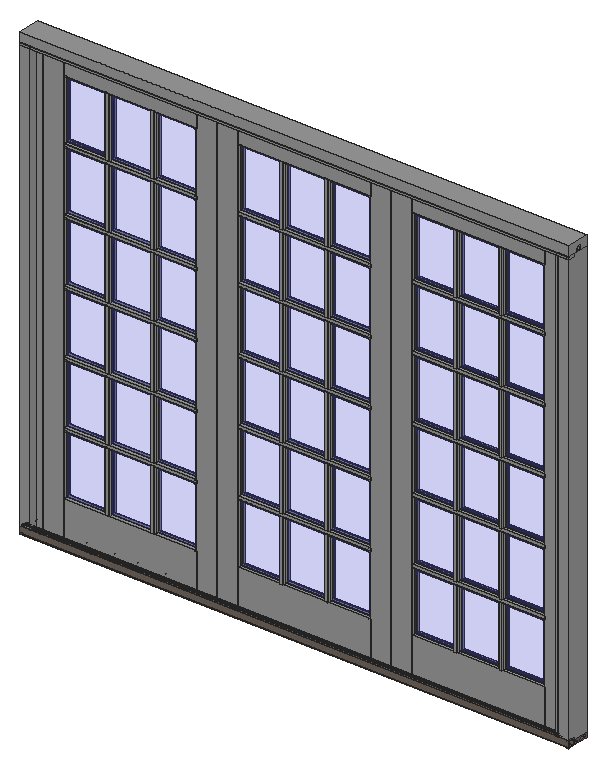
Revit family "VSFA 2560 SP LH", category Doors, host Wall, Revit 2015 (continued)
Forms (mm)
  Extrusion 66, solid, material "Glass"
    sketch origin (-632.808, -110.55, -763.769) x (-1, 0, 0) y (0, 0, -1)
      loop
        line (276.872, -2425.769) -> (475.212, -2425.769) -> (475.212, -2141.757) -> (276.872, -2141.757) -> (276.872, -2425.769)
      loop
        line (-145.808, -2128.769) -> (52.532, -2128.769) -> (52.532, -1844.757) -> (-145.808, -1844.757) -> (-145.808, -2128.769)
      loop
        line (65.532, -2128.769) -> (263.872, -2128.769) -> (263.872, -1844.757) -> (65.532, -1844.757) -> (65.532, -2128.769)
      loop
        line (276.872, -2128.769) -> (475.212, -2128.769) -> (475.212, -1844.757) -> (276.872, -1844.757) -> (276.872, -2128.769)
      loop
        line (-145.808, -1831.769) -> (52.532, -1831.769) -> (52.532, -1547.757) -> (-145.808, -1547.757) -> (-145.808, -1831.769)
      loop
        line (65.532, -1831.769) -> (263.872, -1831.769) -> (263.872, -1547.757) -> (65.532, -1547.757) -> (65.532, -1831.769)
      loop
        line (276.872, -1831.769) -> (475.212, -1831.769) -> (475.212, -1547.757) -> (276.872, -1547.757) -> (276.872, -1831.769)
      loop
        line (-145.808, -1534.769) -> (52.532, -1534.769) -> (52.532, -1250.757) -> (-145.808, -1250.757) -> (-145.808, -1534.769)
      loop
        line (65.532, -1534.769) -> (263.872, -1534.769) -> (263.872, -1250.757) -> (65.532, -1250.757) -> (65.532, -1534.769)
      loop
        line (276.872, -1534.769) -> (475.212, -1534.769) -> (475.212, -1250.757) -> (276.872, -1250.757) -> (276.872, -1534.769)
      loop
        line (-145.808, -1237.769) -> (52.532, -1237.769) -> (52.532, -953.757) -> (-145.808, -953.757) -> (-145.808, -1237.769)
      loop
        line (65.532, -1237.769) -> (263.872, -1237.769) -> (263.872, -953.757) -> (65.532, -953.757) -> (65.532, -1237.769)
      loop
        line (276.872, -1237.769) -> (475.212, -1237.769) -> (475.212, -953.757) -> (276.872, -953.757) -> (276.872, -1237.769)
    from -112.5 to -106.1
  Extrusion 67, solid, material "Lauan, Meranti"
    sketch origin (-101, 0, 1484.988) x (-1, 0, 0) y (0, -1, 0)
      loop
        line (597.34, 15.5) -> (584.34, 15.5) -> (584.34, 13.5)
        arc (584.34, 13.5) -> (579.67, 11.866) -> (577.34, 7.5) r 6.807
        line (577.34, 7.5) -> (575.34, 7.5) -> (575.34, 5.5) -> (584.34, 5.5) -> (584.34, -24.5) -> (597.34, -24.5) -> (597.34, 5.5) -> (606.34, 5.5) -> (606.34, 7.5) -> (604.34, 7.5)
        arc (604.34, 7.5) -> (602.01, 11.866) -> (597.34, 13.5) r 6.807
        line (597.34, 13.5) -> (597.34, 15.5)
      loop
        line (808.68, 15.5) -> (795.68, 15.5) -> (795.68, 13.5)
        arc (795.68, 13.5) -> (791.01, 11.866) -> (788.68, 7.5) r 6.807
        line (788.68, 7.5) -> (786.68, 7.5) -> (786.68, 5.5) -> (795.68, 5.5) -> (795.68, -24.5) -> (808.68, -24.5) -> (808.68, 5.5) -> (817.68, 5.5) -> (817.68, 7.5) -> (815.68, 7.5)
        arc (815.68, 7.5) -> (813.35, 11.866) -> (808.68, 13.5) r 6.807
        line (808.68, 13.5) -> (808.68, 15.5)
    from 190 to 474
  Sweep 68, solid, material "Lauan, Meranti"
    path origin (-148.388, -75, 232.716) x (-1, 0, 0) y (0, 0, -1)
      loop
        line (338.612, -1726.284) -> (536.952, -1726.284) -> (536.952, -1442.272) -> (338.612, -1442.272) -> (338.612, -1726.284)
    profile origin (-586.17, -75, 1959) x (0, 0, -1) y (0, -1, 0)
      loop
        line (9, -78) -> (0, -78) -> (0, -86)
        arc (0, -86) -> (4.67, -84.366) -> (7, -80) r 6.807
        line (7, -80) -> (9, -80) -> (9, -78)
  Sweep 69, solid, material "Lauan, Meranti"
    path origin (-359.728, -75, 232.716) x (-1, 0, 0) y (0, 0, -1)
      loop
        line (338.612, -1726.284) -> (536.952, -1726.284) -> (536.952, -1442.272) -> (338.612, -1442.272) -> (338.612, -1726.284)
    profile origin (-797.51, -75, 1959) x (0, 0, -1) y (0, -1, 0)
      loop
        line (9, -78) -> (0, -78) -> (0, -86)
        arc (0, -86) -> (4.67, -84.366) -> (7, -80) r 6.807
        line (7, -80) -> (9, -80) -> (9, -78)
  Sweep 70, solid, material "Lauan, Meranti"
    path origin (-571.068, -75, 232.716) x (-1, 0, 0) y (0, 0, -1)
      loop
        line (338.612, -1726.284) -> (536.952, -1726.284) -> (536.952, -1442.272) -> (338.612, -1442.272) -> (338.612, -1726.284)
    profile origin (-1008.85, -75, 1959) x (0, 0, -1) y (0, -1, 0)
      loop
        line (9, -78) -> (0, -78) -> (0, -86)
        arc (0, -86) -> (4.67, -84.366) -> (7, -80) r 6.807
        line (7, -80) -> (9, -80) -> (9, -78)
  Extrusion 71, solid, material "Lauan, Meranti"
    sketch origin (-101, 0, 1187.988) x (-1, 0, 0) y (0, -1, 0)
      loop
        line (597.34, 15.5) -> (584.34, 15.5) -> (584.34, 13.5)
        arc (584.34, 13.5) -> (579.67, 11.866) -> (577.34, 7.5) r 6.807
        line (577.34, 7.5) -> (575.34, 7.5) -> (575.34, 5.5) -> (584.34, 5.5) -> (584.34, -24.5) -> (597.34, -24.5) -> (597.34, 5.5) -> (606.34, 5.5) -> (606.34, 7.5) -> (604.34, 7.5)
        arc (604.34, 7.5) -> (602.01, 11.866) -> (597.34, 13.5) r 6.807
        line (597.34, 13.5) -> (597.34, 15.5)
      loop
        line (808.68, 15.5) -> (795.68, 15.5) -> (795.68, 13.5)
        arc (795.68, 13.5) -> (791.01, 11.866) -> (788.68, 7.5) r 6.807
        line (788.68, 7.5) -> (786.68, 7.5) -> (786.68, 5.5) -> (795.68, 5.5) -> (795.68, -24.5) -> (808.68, -24.5) -> (808.68, 5.5) -> (817.68, 5.5) -> (817.68, 7.5) -> (815.68, 7.5)
        arc (815.68, 7.5) -> (813.35, 11.866) -> (808.68, 13.5) r 6.807
        line (808.68, 13.5) -> (808.68, 15.5)
    from 190 to 474
  Sweep 72, solid, material "Lauan, Meranti"
    path origin (-148.388, -75, -64.284) x (-1, 0, 0) y (0, 0, -1)
      loop
        line (338.612, -1726.284) -> (536.952, -1726.284) -> (536.952, -1442.272) -> (338.612, -1442.272) -> (338.612, -1726.284)
    profile origin (-586.17, -75, 1662) x (0, 0, -1) y (0, -1, 0)
      loop
        line (9, -78) -> (0, -78) -> (0, -86)
        arc (0, -86) -> (4.67, -84.366) -> (7, -80) r 6.807
        line (7, -80) -> (9, -80) -> (9, -78)
  Sweep 73, solid, material "Lauan, Meranti"
    path origin (-359.728, -75, -64.284) x (-1, 0, 0) y (0, 0, -1)
      loop
        line (338.612, -1726.284) -> (536.952, -1726.284) -> (536.952, -1442.272) -> (338.612, -1442.272) -> (338.612, -1726.284)
    profile origin (-797.51, -75, 1662) x (0, 0, -1) y (0, -1, 0)
      loop
        line (9, -78) -> (0, -78) -> (0, -86)
        arc (0, -86) -> (4.67, -84.366) -> (7, -80) r 6.807
        line (7, -80) -> (9, -80) -> (9, -78)
  Sweep 74, solid, material "Lauan, Meranti"
    path origin (-571.068, -75, -64.284) x (-1, 0, 0) y (0, 0, -1)
      loop
        line (338.612, -1726.284) -> (536.952, -1726.284) -> (536.952, -1442.272) -> (338.612, -1442.272) -> (338.612, -1726.284)
    profile origin (-1008.85, -75, 1662) x (0, 0, -1) y (0, -1, 0)
      loop
        line (9, -78) -> (0, -78) -> (0, -86)
        arc (0, -86) -> (4.67, -84.366) -> (7, -80) r 6.807
        line (7, -80) -> (9, -80) -> (9, -78)
  Extrusion 75, solid, material "Lauan, Meranti"
    sketch origin (-101, 0, 890.988) x (-1, 0, 0) y (0, -1, 0)
      loop
        line (597.34, 15.5) -> (584.34, 15.5) -> (584.34, 13.5)
        arc (584.34, 13.5) -> (579.67, 11.866) -> (577.34, 7.5) r 6.807
        line (577.34, 7.5) -> (575.34, 7.5) -> (575.34, 5.5) -> (584.34, 5.5) -> (584.34, -24.5) -> (597.34, -24.5) -> (597.34, 5.5) -> (606.34, 5.5) -> (606.34, 7.5) -> (604.34, 7.5)
        arc (604.34, 7.5) -> (602.01, 11.866) -> (597.34, 13.5) r 6.807
        line (597.34, 13.5) -> (597.34, 15.5)
      loop
        line (808.68, 15.5) -> (795.68, 15.5) -> (795.68, 13.5)
        arc (795.68, 13.5) -> (791.01, 11.866) -> (788.68, 7.5) r 6.807
        line (788.68, 7.5) -> (786.68, 7.5) -> (786.68, 5.5) -> (795.68, 5.5) -> (795.68, -24.5) -> (808.68, -24.5) -> (808.68, 5.5) -> (817.68, 5.5) -> (817.68, 7.5) -> (815.68, 7.5)
        arc (815.68, 7.5) -> (813.35, 11.866) -> (808.68, 13.5) r 6.807
        line (808.68, 13.5) -> (808.68, 15.5)
    from 190 to 474
  Sweep 76, solid, material "Lauan, Meranti"
    path origin (-148.388, -75, -361.284) x (-1, 0, 0) y (0, 0, -1)
      loop
        line (338.612, -1726.284) -> (536.952, -1726.284) -> (536.952, -1442.272) -> (338.612, -1442.272) -> (338.612, -1726.284)
    profile origin (-586.17, -75, 1365) x (0, 0, -1) y (0, -1, 0)
      loop
        line (9, -78) -> (0, -78) -> (0, -86)
        arc (0, -86) -> (4.67, -84.366) -> (7, -80) r 6.807
        line (7, -80) -> (9, -80) -> (9, -78)
  Sweep 77, solid, material "Lauan, Meranti"
    path origin (-359.728, -75, -361.284) x (-1, 0, 0) y (0, 0, -1)
      loop
        line (338.612, -1726.284) -> (536.952, -1726.284) -> (536.952, -1442.272) -> (338.612, -1442.272) -> (338.612, -1726.284)
    profile origin (-797.51, -75, 1365) x (0, 0, -1) y (0, -1, 0)
      loop
        line (9, -78) -> (0, -78) -> (0, -86)
        arc (0, -86) -> (4.67, -84.366) -> (7, -80) r 6.807
        line (7, -80) -> (9, -80) -> (9, -78)
  Sweep 78, solid, material "Lauan, Meranti"
    path origin (-571.068, -75, -361.284) x (-1, 0, 0) y (0, 0, -1)
      loop
        line (338.612, -1726.284) -> (536.952, -1726.284) -> (536.952, -1442.272) -> (338.612, -1442.272) -> (338.612, -1726.284)
    profile origin (-1008.85, -75, 1365) x (0, 0, -1) y (0, -1, 0)
      loop
        line (9, -78) -> (0, -78) -> (0, -86)
        arc (0, -86) -> (4.67, -84.366) -> (7, -80) r 6.807
        line (7, -80) -> (9, -80) -> (9, -78)
  Extrusion 79, solid, material "Lauan, Meranti"
    sketch origin (-101, 0, 593.988) x (-1, 0, 0) y (0, -1, 0)
      loop
        line (597.34, 15.5) -> (584.34, 15.5) -> (584.34, 13.5)
        arc (584.34, 13.5) -> (579.67, 11.866) -> (577.34, 7.5) r 6.807
        line (577.34, 7.5) -> (575.34, 7.5) -> (575.34, 5.5) -> (584.34, 5.5) -> (584.34, -24.5) -> (597.34, -24.5) -> (597.34, 5.5) -> (606.34, 5.5) -> (606.34, 7.5) -> (604.34, 7.5)
        arc (604.34, 7.5) -> (602.01, 11.866) -> (597.34, 13.5) r 6.807
        line (597.34, 13.5) -> (597.34, 15.5)
      loop
        line (808.68, 15.5) -> (795.68, 15.5) -> (795.68, 13.5)
        arc (795.68, 13.5) -> (791.01, 11.866) -> (788.68, 7.5) r 6.807
        line (788.68, 7.5) -> (786.68, 7.5) -> (786.68, 5.5) -> (795.68, 5.5) -> (795.68, -24.5) -> (808.68, -24.5) -> (808.68, 5.5) -> (817.68, 5.5) -> (817.68, 7.5) -> (815.68, 7.5)
        arc (815.68, 7.5) -> (813.35, 11.866) -> (808.68, 13.5) r 6.807
        line (808.68, 13.5) -> (808.68, 15.5)
    from 190 to 474
  Sweep 80, solid, material "Lauan, Meranti"
    path origin (-148.388, -75, -658.284) x (-1, 0, 0) y (0, 0, -1)
      loop
        line (338.612, -1726.284) -> (536.952, -1726.284) -> (536.952, -1442.272) -> (338.612, -1442.272) -> (338.612, -1726.284)
    profile origin (-586.17, -75, 1068) x (0, 0, -1) y (0, -1, 0)
      loop
        line (9, -78) -> (0, -78) -> (0, -86)
        arc (0, -86) -> (4.67, -84.366) -> (7, -80) r 6.807
        line (7, -80) -> (9, -80) -> (9, -78)
  Sweep 81, solid, material "Lauan, Meranti"
    path origin (-359.728, -75, -658.284) x (-1, 0, 0) y (0, 0, -1)
      loop
        line (338.612, -1726.284) -> (536.952, -1726.284) -> (536.952, -1442.272) -> (338.612, -1442.272) -> (338.612, -1726.284)
    profile origin (-797.51, -75, 1068) x (0, 0, -1) y (0, -1, 0)
      loop
        line (9, -78) -> (0, -78) -> (0, -86)
        arc (0, -86) -> (4.67, -84.366) -> (7, -80) r 6.807
        line (7, -80) -> (9, -80) -> (9, -78)
  Sweep 82, solid, material "Lauan, Meranti"
    path origin (-571.068, -75, -658.284) x (-1, 0, 0) y (0, 0, -1)
      loop
        line (338.612, -1726.284) -> (536.952, -1726.284) -> (536.952, -1442.272) -> (338.612, -1442.272) -> (338.612, -1726.284)
    profile origin (-1008.85, -75, 1068) x (0, 0, -1) y (0, -1, 0)
      loop
        line (9, -78) -> (0, -78) -> (0, -86)
        arc (0, -86) -> (4.67, -84.366) -> (7, -80) r 6.807
        line (7, -80) -> (9, -80) -> (9, -78)
  Extrusion 83, solid, material "Lauan, Meranti"
    sketch origin (-101, 0, 296.988) x (-1, 0, 0) y (0, -1, 0)
      loop
        line (597.34, 15.5) -> (584.34, 15.5) -> (584.34, 13.5)
        arc (584.34, 13.5) -> (579.67, 11.866) -> (577.34, 7.5) r 6.807
        line (577.34, 7.5) -> (575.34, 7.5) -> (575.34, 5.5) -> (584.34, 5.5) -> (584.34, -24.5) -> (597.34, -24.5) -> (597.34, 5.5) -> (606.34, 5.5) -> (606.34, 7.5) -> (604.34, 7.5)
        arc (604.34, 7.5) -> (602.01, 11.866) -> (597.34, 13.5) r 6.807
        line (597.34, 13.5) -> (597.34, 15.5)
      loop
        line (808.68, 15.5) -> (795.68, 15.5) -> (795.68, 13.5)
        arc (795.68, 13.5) -> (791.01, 11.866) -> (788.68, 7.5) r 6.807
        line (788.68, 7.5) -> (786.68, 7.5) -> (786.68, 5.5) -> (795.68, 5.5) -> (795.68, -24.5) -> (808.68, -24.5) -> (808.68, 5.5) -> (817.68, 5.5) -> (817.68, 7.5) -> (815.68, 7.5)
        arc (815.68, 7.5) -> (813.35, 11.866) -> (808.68, 13.5) r 6.807
        line (808.68, 13.5) -> (808.68, 15.5)
    from 190 to 474
  Sweep 84, solid, material "Lauan, Meranti"
    path origin (-148.388, -75, -955.284) x (-1, 0, 0) y (0, 0, -1)
      loop
        line (338.612, -1726.284) -> (536.952, -1726.284) -> (536.952, -1442.272) -> (338.612, -1442.272) -> (338.612, -1726.284)
    profile origin (-586.17, -75, 771) x (0, 0, -1) y (0, -1, 0)
      loop
        line (9, -78) -> (0, -78) -> (0, -86)
        arc (0, -86) -> (4.67, -84.366) -> (7, -80) r 6.807
        line (7, -80) -> (9, -80) -> (9, -78)
  Sweep 85, solid, material "Lauan, Meranti"
    path origin (-359.728, -75, -955.284) x (-1, 0, 0) y (0, 0, -1)
      loop
        line (338.612, -1726.284) -> (536.952, -1726.284) -> (536.952, -1442.272) -> (338.612, -1442.272) -> (338.612, -1726.284)
    profile origin (-797.51, -75, 771) x (0, 0, -1) y (0, -1, 0)
      loop
        line (9, -78) -> (0, -78) -> (0, -86)
        arc (0, -86) -> (4.67, -84.366) -> (7, -80) r 6.807
        line (7, -80) -> (9, -80) -> (9, -78)
  Sweep 86, solid, material "Lauan, Meranti"
    path origin (-571.068, -75, -955.284) x (-1, 0, 0) y (0, 0, -1)
      loop
        line (338.612, -1726.284) -> (536.952, -1726.284) -> (536.952, -1442.272) -> (338.612, -1442.272) -> (338.612, -1726.284)
    profile origin (-1008.85, -75, 771) x (0, 0, -1) y (0, -1, 0)
      loop
        line (9, -78) -> (0, -78) -> (0, -86)
        arc (0, -86) -> (4.67, -84.366) -> (7, -80) r 6.807
        line (7, -80) -> (9, -80) -> (9, -78)
  Extrusion 87, solid, material "Lauan, Meranti"
    sketch origin (-101, 0, -0.012) x (-1, 0, 0) y (0, -1, 0)
      loop
        line (597.34, 15.5) -> (584.34, 15.5) -> (584.34, 13.5)
        arc (584.34, 13.5) -> (579.67, 11.866) -> (577.34, 7.5) r 6.807
        line (577.34, 7.5) -> (575.34, 7.5) -> (575.34, 5.5) -> (584.34, 5.5) -> (584.34, -24.5) -> (597.34, -24.5) -> (597.34, 5.5) -> (606.34, 5.5) -> (606.34, 7.5) -> (604.34, 7.5)
        arc (604.34, 7.5) -> (602.01, 11.866) -> (597.34, 13.5) r 6.807
        line (597.34, 13.5) -> (597.34, 15.5)
      loop
        line (808.68, 15.5) -> (795.68, 15.5) -> (795.68, 13.5)
        arc (795.68, 13.5) -> (791.01, 11.866) -> (788.68, 7.5) r 6.807
        line (788.68, 7.5) -> (786.68, 7.5) -> (786.68, 5.5) -> (795.68, 5.5) -> (795.68, -24.5) -> (808.68, -24.5) -> (808.68, 5.5) -> (817.68, 5.5) -> (817.68, 7.5) -> (815.68, 7.5)
        arc (815.68, 7.5) -> (813.35, 11.866) -> (808.68, 13.5) r 6.807
        line (808.68, 13.5) -> (808.68, 15.5)
    from 190 to 474
  Sweep 88, solid, material "Lauan, Meranti"
    path origin (-148.388, -75, -1252.284) x (-1, 0, 0) y (0, 0, -1)
      loop
        line (338.612, -1726.284) -> (536.952, -1726.284) -> (536.952, -1442.272) -> (338.612, -1442.272) -> (338.612, -1726.284)
    profile origin (-586.17, -75, 474) x (0, 0, -1) y (0, -1, 0)
      loop
        line (9, -78) -> (0, -78) -> (0, -86)
        arc (0, -86) -> (4.67, -84.366) -> (7, -80) r 6.807
        line (7, -80) -> (9, -80) -> (9, -78)
  Sweep 89, solid, material "Lauan, Meranti"
    path origin (-359.728, -75, -1252.284) x (-1, 0, 0) y (0, 0, -1)
      loop
        line (338.612, -1726.284) -> (536.952, -1726.284) -> (536.952, -1442.272) -> (338.612, -1442.272) -> (338.612, -1726.284)
    profile origin (-797.51, -75, 474) x (0, 0, -1) y (0, -1, 0)
      loop
        line (9, -78) -> (0, -78) -> (0, -86)
        arc (0, -86) -> (4.67, -84.366) -> (7, -80) r 6.807
        line (7, -80) -> (9, -80) -> (9, -78)
  Sweep 90, solid, material "Lauan, Meranti"
    path origin (-571.068, -75, -1252.284) x (-1, 0, 0) y (0, 0, -1)
      loop
        line (338.612, -1726.284) -> (536.952, -1726.284) -> (536.952, -1442.272) -> (338.612, -1442.272) -> (338.612, -1726.284)
    profile origin (-1008.85, -75, 474) x (0, 0, -1) y (0, -1, 0)
      loop
        line (9, -78) -> (0, -78) -> (0, -86)
        arc (0, -86) -> (4.67, -84.366) -> (7, -80) r 6.807
        line (7, -80) -> (9, -80) -> (9, -78)
Cuts and joins
  joined: Extrusion 6, Extrusion 8
  joined: Extrusion 5, Extrusion 9
Lines and regions (mm)
  Opening 1
    outline origin (-5000, -75, 0) x (1, 0, 0) y (0, 0, 1)
      loop
        line (3720, 0) -> (6280, 0) -> (6280, 2100) -> (3720, 2100) -> (3720, 0)
  model lines
    curve 1: line (-1205, 24.5, 0) -> (-798.5, 728.579, 0)
    curve 2: line (-798.5, 728.579, 0) -> (-763.859, 708.579, 0)
    curve 3: line (-763.859, 708.579, 0) -> (-1170.359, 4.5, 0)
    curve 4: line (-322.718, 24.5, 0) -> (-729.218, 728.579, 0)
    curve 5: line (-729.218, 728.579, 0) -> (-763.859, 708.579, 0)
    curve 6: line (-763.859, 708.579, 0) -> (-357.359, 4.5, 0)
    curve 7: line (-322.718, 24.5, 0) -> (83.782, 728.579, 0)
    curve 8: line (83.782, 728.579, 0) -> (118.423, 708.579, 0)
    curve 9: line (-288.077, 4.5, 0) -> (118.423, 708.579, 0)
    curve 10: line (-634.802, 99.5, 935) -> (-809.802, 99.5, 935)
    curve 11: line (-948.879, 99.5, 935) -> (-809.802, 99.5, 991.191)
    curve 12: line (-809.802, 99.5, 991.191) -> (-809.802, 99.5, 878.809)
    curve 13: line (-948.879, 99.5, 935) -> (-809.802, 99.5, 878.809)
    curve 14: line (178.198, 99.5, 935) -> (3.198, 99.5, 935)
    curve 15: line (-135.879, 99.5, 935) -> (3.198, 99.5, 991.191)
    curve 16: line (3.198, 99.5, 991.191) -> (3.198, 99.5, 878.809)
    curve 17: line (-135.879, 99.5, 935) -> (3.198, 99.5, 878.809)
    curve 18: line (991.198, 99.5, 935) -> (816.198, 99.5, 935)
    curve 19: line (677.121, 99.5, 935) -> (816.198, 99.5, 991.191)
    curve 20: line (816.198, 99.5, 991.191) -> (816.198, 99.5, 878.809)
    curve 21: line (677.121, 99.5, 935) -> (816.198, 99.5, 878.809)
Text (mm)
  text "Exterior" at (-2295.016, 1099.543, 0), in view "Ref. Level"
  text "Exterior" at (0, 1615.38, 3698.081), in view "Left"
  text "Exterior" at (0, 1036.032, 3874.932), in view "Right"
Dimensions and locks
  equal spacing: plane 3 "Left", plane 2 "Center (Left/Right)", plane 4 "Right"
  "Width": plane 3 "Left" to plane 4 "Right"
  "Height": plane 5 to host wall
  host wall to plane 5 = 2100 mm  (x2)
  locked: plane 6 "Exterior" to host wall at 0
  locked: plane 7 "Interior" to host wall
  plane 3 "Left" to plane 4 "Right" = 2560 mm
  aligned and locked: plane 1 to host wall
  aligned and locked: Opening 1 sketch curve to level
  aligned and locked: Extrusion 13 to Extrusion 12
Automatic sketch dimensions
  curve 11 to plane 9 = 286.121 mm
  curve 11 to curve 11 = 139.078 mm
  curve 15 to plane 2 "Center (Left/Right)" = 135.879 mm
  plane 2 "Center (Left/Right)" to curve 15 = 3.198 mm
  curve 19 to plane 11 = 286.121 mm
  curve 19 to curve 19 = 139.078 mm
  level to curve 21 = 878.809 mm
  curve 16 to curve 20 = 0 mm
  curve 13 to curve 16 = 0 mm
  curve 12 to curve 13 = 56.191 mm
  curve 20 to curve 21 = 56.191 mm
  curve 16 to curve 15 = 56.191 mm
  curve 20 to curve 19 = 112.382 mm
  curve 12 to curve 12 = 112.382 mm
  curve 16 to curve 16 = 112.382 mm
  curve 10 to curve 10 = 175 mm
  curve 14 to curve 14 = 175 mm
  curve 18 to curve 18 = 175 mm
  curve 14 to curve 15 = 56.191 mm
  curve 10 to curve 11 = 56.191 mm
  curve 18 to curve 19 = 56.191 mm
  Extrusion 1 sketch curve to level = 0 mm
  level to Extrusion 1 sketch curve = 1 mm
  Extrusion 1 sketch curve to host wall = 22.5 mm
  Extrusion 1 sketch curve to Extrusion 1 sketch curve = 1 mm  (x7)
  Extrusion 1 sketch curve to Extrusion 1 sketch curve = 0.5 mm  (x8)
  Extrusion 1 sketch curve to Extrusion 1 sketch curve = 8.551 mm
  Extrusion 1 sketch curve to Extrusion 1 sketch curve = 0.717 mm  (x10)
  Extrusion 1 sketch curve to Extrusion 1 sketch curve = 1.732 mm  (x10)
  Extrusion 1 sketch curve to Extrusion 1 sketch curve = 0 mm  (x24)
  Extrusion 1 sketch curve to Extrusion 1 sketch curve = 3.101 mm  (x3)
  Extrusion 1 sketch curve to Extrusion 1 sketch curve = 6.351 mm
  Extrusion 1 sketch curve to Extrusion 1 sketch curve = 1.5 mm  (x15)
  Extrusion 1 sketch curve to Extrusion 1 sketch curve = 0.7 mm
  level to Extrusion 1 sketch curve = 1.5 mm  (x3)
  Extrusion 1 sketch curve to Extrusion 1 sketch curve = 1.2 mm  (x2)
  Extrusion 1 sketch curve to Extrusion 1 sketch curve = 8.248 mm
  host wall to Extrusion 1 sketch curve = 4.5 mm
  host wall to Extrusion 1 sketch curve = 1.5 mm  (x2)
  Extrusion 1 sketch curve to host wall = 1.817 mm
  Extrusion 1 sketch curve to Extrusion 1 sketch curve = 1.433 mm  (x3)
  Extrusion 1 sketch curve to host wall = 3.75 mm
  Extrusion 1 sketch curve to Extrusion 1 sketch curve = 1.25 mm  (x2)
  Extrusion 1 sketch curve to Extrusion 1 sketch curve = 3.317 mm
  Extrusion 1 sketch curve to Extrusion 1 sketch curve = 4.551 mm
  Extrusion 1 sketch curve to Extrusion 1 sketch curve = 10.551 mm
  Extrusion 1 sketch curve to Extrusion 1 sketch curve = 11 mm
  Extrusion 1 sketch curve to Extrusion 1 sketch curve = 14.5 mm
  Extrusion 1 sketch curve to Extrusion 1 sketch curve = 2 mm  (x5)
  Extrusion 1 sketch curve to Extrusion 1 sketch curve = 0.3 mm
  Extrusion 1 sketch curve to Extrusion 1 sketch curve = 2.5 mm
  Extrusion 1 sketch curve to Extrusion 1 sketch curve = 1.488 mm
  Extrusion 1 sketch curve to Extrusion 1 sketch curve = 1.012 mm
  Extrusion 1 sketch curve to Extrusion 1 sketch curve = 5.5 mm
  Extrusion 1 sketch curve to Extrusion 1 sketch curve = 9 mm
  plane 12 to curve 2 = 376.5 mm
  curve 1 to curve 3 = 34.641 mm
  curve 2 to curve 4 = 34.641 mm
  curve 7 to host wall = 24.5 mm
  curve 7 to plane 12 = 99.282 mm
  plane 2 "Center (Left/Right)" to curve 8 = 83.782 mm
  curve 7 to curve 9 = 34.641 mm
  host wall to curve 8 = 633.579 mm
  host wall to curve 3 = 633.579 mm
  curve 2 to curve 2 = 20 mm
  curve 3 to host wall = 4.5 mm
  curve 1 to host wall = 24.5 mm
  curve 6 to host wall = 4.5 mm
  curve 9 to host wall = 4.5 mm
  plane 5 to Extrusion 2 sketch curve = 0 mm
  Extrusion 2 sketch curve to host wall = 22.5 mm  (x2)
  host wall to Extrusion 2 sketch curve = 6.5 mm
  Extrusion 2 sketch curve to host wall = 15.5 mm
  plane 5 to Extrusion 2 sketch curve = 25 mm
  Extrusion 2 sketch curve to Extrusion 2 sketch curve = 20 mm  (x2)
  Extrusion 3 sketch curve to host wall = 22.5 mm
  Extrusion 3 sketch curve to Extrusion 3 sketch curve = 3 mm  (x2)
  Extrusion 3 sketch curve to Extrusion 3 sketch curve = 22 mm
  Extrusion 3 sketch curve to Extrusion 3 sketch curve = 7 mm
  Extrusion 3 sketch curve to Extrusion 3 sketch curve = 0 mm
  plane 5 to Extrusion 3 sketch curve = 58 mm
  Extrusion 3 sketch curve to Extrusion 3 sketch curve = 3.5 mm
  Extrusion 3 sketch curve to Extrusion 3 sketch curve = 10 mm
  Extrusion 3 sketch curve to Extrusion 3 sketch curve = 6.5 mm
  host wall to Extrusion 4 sketch curve = 6 mm
  Extrusion 4 sketch curve to Extrusion 4 sketch curve = 2.2 mm  (x3)
  Extrusion 4 sketch curve to host wall = 12.8 mm
  plane 5 to Extrusion 4 sketch curve = 25 mm
  Extrusion 4 sketch curve to Extrusion 4 sketch curve = 17.8 mm  (x2)
  plane 3 "Left" to Opening 1 sketch curve = 0 mm
  plane 4 "Right" to Opening 1 sketch curve = 0 mm
  Opening 1 sketch curve to plane 5 = 0 mm
  Extrusion 5 sketch curve to plane 9 = 0 mm  (x2)
  Extrusion 5 sketch curve to plane 3 "Left" = 0 mm  (x2)
  Extrusion 5 sketch curve to plane 9 = 10 mm
  Extrusion 5 sketch curve to Extrusion 5 sketch curve = 20 mm
  plane 9 to Extrusion 5 sketch curve = 15 mm  (x2)
  Extrusion 5 sketch curve to host wall = 22.5 mm  (x2)
  Extrusion 5 sketch curve to host wall = 25.5 mm
  Extrusion 5 sketch curve to Extrusion 5 sketch curve = 1 mm
  Extrusion 5 sketch curve to host wall = 14.5 mm
  host wall to Extrusion 5 sketch curve = 5.5 mm
  Extrusion 5 sketch curve to Extrusion 5 sketch curve = 10 mm
  host wall to Extrusion 5 sketch curve = 16.5 mm
  Extrusion 6 sketch curve to plane 4 "Right" = 0 mm
  plane 4 "Right" to Extrusion 6 sketch curve = 33 mm
  Extrusion 6 sketch curve to plane 8 = 30 mm
  Extrusion 6 sketch curve to host wall = 22.5 mm  (x2)
  Extrusion 6 sketch curve to host wall = 24.5 mm
  Extrusion 7 sketch curve to plane 8 = 30 mm
  Extrusion 7 sketch curve to Extrusion 7 sketch curve = 3 mm  (x3)
  Extrusion 7 sketch curve to Extrusion 7 sketch curve = 6.5 mm
  Extrusion 7 sketch curve to Extrusion 7 sketch curve = 10 mm
  host wall to Extrusion 7 sketch curve = 20.5 mm
  Extrusion 7 sketch curve to Extrusion 7 sketch curve = 0 mm
  Extrusion 7 sketch curve to Extrusion 7 sketch curve = 7 mm
  Extrusion 7 sketch curve to Extrusion 7 sketch curve = 22 mm
  Extrusion 8 sketch curve to plane 4 "Right" = 0 mm
  Extrusion 8 sketch curve to Extrusion 8 sketch curve = 33 mm
  Extrusion 8 sketch curve to plane 8 = 30 mm
  Extrusion 8 sketch curve to host wall = 22.5 mm
  Extrusion 8 sketch curve to host wall = 24.5 mm
  host wall to Extrusion 8 sketch curve = 19.5 mm
  Extrusion 9 sketch curve to plane 9 = 0 mm
  Extrusion 9 sketch curve to plane 3 "Left" = 0 mm
  Extrusion 9 sketch curve to plane 9 = 10 mm
  Extrusion 9 sketch curve to Extrusion 9 sketch curve = 20 mm
  plane 9 to Extrusion 9 sketch curve = 15 mm  (x2)
  Extrusion 9 sketch curve to host wall = 22.5 mm
  Extrusion 9 sketch curve to host wall = 25.5 mm
  Extrusion 9 sketch curve to host wall = 24.5 mm
  Extrusion 9 sketch curve to Extrusion 9 sketch curve = 10 mm  (x2)
  host wall to Extrusion 9 sketch curve = 5.5 mm
  plane 12 to Extrusion 10 sketch curve = 31 mm
  Extrusion 10 sketch curve to host wall = 13.5 mm
  Extrusion 10 sketch curve to plane 12 = 65 mm
  Extrusion 10 sketch curve to Extrusion 10 sketch curve = 0 mm
  Extrusion 10 sketch curve to Extrusion 10 sketch curve = 0.473 mm  (x3)
  Extrusion 10 sketch curve to Extrusion 10 sketch curve = 6.527 mm  (x2)
  Extrusion 10 sketch curve to Extrusion 10 sketch curve = 2 mm  (x4)
  Extrusion 10 sketch curve to host wall = 5.5 mm
  plane 9 to Extrusion 10 sketch curve = 136 mm
  plane 9 to Extrusion 10 sketch curve = 31 mm
  Extrusion 10 sketch curve to host wall = 15.5 mm  (x2)
  Extrusion 10 sketch curve to host wall = 7.5 mm
  Extrusion 10 sketch curve to Extrusion 10 sketch curve = 1.468 mm
  host wall to Extrusion 10 sketch curve = 24.5 mm  (x2)
  plane 11 to Extrusion 11 sketch curve = 31 mm
  Extrusion 11 sketch curve to host wall = 13.5 mm
  Extrusion 11 sketch curve to plane 11 = 65 mm
  Extrusion 11 sketch curve to Extrusion 11 sketch curve = 0 mm
  Extrusion 11 sketch curve to Extrusion 11 sketch curve = 0.473 mm  (x3)
  Extrusion 11 sketch curve to Extrusion 11 sketch curve = 6.527 mm  (x2)
  Extrusion 11 sketch curve to Extrusion 11 sketch curve = 2 mm  (x4)
  Extrusion 11 sketch curve to host wall = 5.5 mm
  plane 12 to Extrusion 11 sketch curve = 136 mm
  plane 12 to Extrusion 11 sketch curve = 31 mm
  Extrusion 11 sketch curve to host wall = 15.5 mm  (x2)
  Extrusion 11 sketch curve to host wall = 7.5 mm
  Extrusion 11 sketch curve to Extrusion 11 sketch curve = 1.468 mm
  host wall to Extrusion 11 sketch curve = 24.5 mm  (x2)
  plane 8 to Extrusion 12 sketch curve = 30 mm
  Extrusion 12 sketch curve to host wall = 13.5 mm
  Extrusion 12 sketch curve to plane 10 = 65 mm
  Extrusion 12 sketch curve to Extrusion 12 sketch curve = 0 mm
  Extrusion 12 sketch curve to Extrusion 12 sketch curve = 0.473 mm  (x3)
  Extrusion 12 sketch curve to Extrusion 12 sketch curve = 6.527 mm  (x2)
  Extrusion 12 sketch curve to Extrusion 12 sketch curve = 2 mm  (x4)
  Extrusion 12 sketch curve to host wall = 5.5 mm
  plane 11 to Extrusion 12 sketch curve = 136 mm
  plane 11 to Extrusion 12 sketch curve = 31 mm
  Extrusion 12 sketch curve to host wall = 15.5 mm  (x2)
  Extrusion 12 sketch curve to host wall = 7.5 mm
  Extrusion 12 sketch curve to Extrusion 12 sketch curve = 1.468 mm
  host wall to Extrusion 12 sketch curve = 24.5 mm  (x2)
  host wall to Extrusion 13 sketch curve = 15.5 mm  (x7)
  Extrusion 13 sketch curve to Extrusion 13 sketch curve = 2 mm  (x28)
  host wall to Extrusion 13 sketch curve = 7.5 mm  (x12)
  host wall to Extrusion 13 sketch curve = 6.697 mm  (x12)
  Extrusion 13 sketch curve to Extrusion 13 sketch curve = 1.197 mm  (x8)
  Extrusion 13 sketch curve to host wall = 24.5 mm  (x7)
  plane 5 to Extrusion 13 sketch curve = 45 mm
  Extrusion 13 sketch curve to Extrusion 13 sketch curve = 96 mm
  Extrusion 13 sketch curve to Extrusion 13 sketch curve = 0 mm  (x6)
  Extrusion 13 sketch curve to Extrusion 13 sketch curve = 0.241 mm  (x12)
  Extrusion 13 sketch curve to Extrusion 13 sketch curve = 266 mm  (x5)
  Extrusion 13 sketch curve to Extrusion 13 sketch curve = 6.759 mm  (x6)
  Extrusion 13 sketch curve to Extrusion 13 sketch curve = 13 mm  (x5)
  level to Extrusion 13 sketch curve = 199 mm
  level to Extrusion 13 sketch curve = 19 mm
  plane 10 to Extrusion 14 sketch curve = 65 mm  (x2)
  Extrusion 14 sketch curve to Extrusion 14 sketch curve = 0 mm  (x31)
  Extrusion 14 sketch curve to Extrusion 14 sketch curve = 198.34 mm  (x6)
  Extrusion 14 sketch curve to Extrusion 14 sketch curve = 13 mm  (x7)
  Extrusion 14 sketch curve to plane 11 = 126.98 mm  (x3)
  plane 5 to Extrusion 14 sketch curve = 141 mm  (x2)
  Extrusion 14 sketch curve to Extrusion 14 sketch curve = 284.012 mm  (x5)
  Extrusion 14 sketch curve to Extrusion 14 sketch curve = 12.988 mm  (x15)
  level to Extrusion 14 sketch curve = 189.988 mm
  host wall to Extrusion 15 sketch curve = 7.5 mm
  plane 10 to Extrusion 15 sketch curve = 254.34 mm
  Extrusion 15 sketch curve to Extrusion 15 sketch curve = 2 mm  (x10)
  Extrusion 15 sketch curve to Extrusion 15 sketch curve = 6.759 mm  (x4)
  Extrusion 15 sketch curve to Extrusion 15 sketch curve = 0.241 mm  (x6)
  Extrusion 15 sketch curve to Extrusion 15 sketch curve = 13 mm  (x3)
  Extrusion 15 sketch curve to Extrusion 15 sketch curve = 0 mm
  host wall to Extrusion 15 sketch curve = 5.5 mm  (x3)
  Extrusion 15 sketch curve to Extrusion 15 sketch curve = 180.34 mm
  Extrusion 15 sketch curve to host wall = 24.5 mm  (x2)
  Extrusion 15 sketch curve to Extrusion 15 sketch curve = 1.197 mm  (x4)
  plane 10 to Sweep 16 sketch curve = 65 mm
  Sweep 16 sketch curve to Sweep 16 sketch curve = 198.34 mm
  plane 5 to Sweep 16 sketch curve = 141 mm
  Sweep 16 sketch curve to Sweep 16 sketch curve = 284.012 mm
  Sweep 16 sketch curve to profile plane = 0 mm
  Sweep 16 sketch curve to profile plane = 0.241 mm
  Sweep 16 sketch curve to Sweep 16 sketch curve = 6.759 mm
  Sweep 16 sketch curve to Sweep 16 sketch curve = 2 mm  (x2)
  Sweep 16 sketch curve to profile plane = 86 mm
  Sweep 16 sketch curve to Sweep 16 sketch curve = 6 mm
  plane 10 to Sweep 17 sketch curve = 276.34 mm
  Sweep 17 sketch curve to Sweep 17 sketch curve = 198.34 mm
  plane 5 to Sweep 17 sketch curve = 141 mm
  Sweep 17 sketch curve to Sweep 17 sketch curve = 284.012 mm
  Sweep 17 sketch curve to profile plane = 0 mm
  Sweep 17 sketch curve to profile plane = 0.241 mm
  Sweep 17 sketch curve to Sweep 17 sketch curve = 6.759 mm
  Sweep 17 sketch curve to Sweep 17 sketch curve = 2 mm  (x2)
  Sweep 17 sketch curve to profile plane = 86 mm
  Sweep 17 sketch curve to Sweep 17 sketch curve = 6 mm
  Sweep 18 sketch curve to plane 11 = 325.32 mm
  Sweep 18 sketch curve to plane 11 = 126.98 mm
  plane 5 to Sweep 18 sketch curve = 141 mm
  Sweep 18 sketch curve to Sweep 18 sketch curve = 284.012 mm
  Sweep 18 sketch curve to profile plane = 0 mm
  Sweep 18 sketch curve to profile plane = 0.241 mm
  Sweep 18 sketch curve to Sweep 18 sketch curve = 6.759 mm
  Sweep 18 sketch curve to Sweep 18 sketch curve = 2 mm  (x2)
  Sweep 18 sketch curve to profile plane = 86 mm
  Sweep 18 sketch curve to Sweep 18 sketch curve = 6 mm
  host wall to Extrusion 19 sketch curve = 7.5 mm
  plane 10 to Extrusion 19 sketch curve = 254.34 mm
  Extrusion 19 sketch curve to Extrusion 19 sketch curve = 2 mm  (x10)
  Extrusion 19 sketch curve to Extrusion 19 sketch curve = 6.759 mm  (x4)
  Extrusion 19 sketch curve to Extrusion 19 sketch curve = 0.241 mm  (x6)
  Extrusion 19 sketch curve to Extrusion 19 sketch curve = 13 mm  (x3)
  Extrusion 19 sketch curve to Extrusion 19 sketch curve = 0 mm
  host wall to Extrusion 19 sketch curve = 5.5 mm  (x3)
  Extrusion 19 sketch curve to Extrusion 19 sketch curve = 180.34 mm
  Extrusion 19 sketch curve to host wall = 24.5 mm  (x2)
  Extrusion 19 sketch curve to Extrusion 19 sketch curve = 1.197 mm  (x4)
  plane 10 to Sweep 20 sketch curve = 65 mm
  Sweep 20 sketch curve to Sweep 20 sketch curve = 198.34 mm
  plane 5 to Sweep 20 sketch curve = 438 mm
  Sweep 20 sketch curve to Sweep 20 sketch curve = 284.012 mm
  Sweep 20 sketch curve to profile plane = 0 mm
  Sweep 20 sketch curve to profile plane = 0.241 mm
  Sweep 20 sketch curve to Sweep 20 sketch curve = 6.759 mm
  Sweep 20 sketch curve to Sweep 20 sketch curve = 2 mm  (x2)
  Sweep 20 sketch curve to profile plane = 86 mm
  Sweep 20 sketch curve to Sweep 20 sketch curve = 6 mm
  plane 10 to Sweep 21 sketch curve = 276.34 mm
  Sweep 21 sketch curve to Sweep 21 sketch curve = 198.34 mm
  plane 5 to Sweep 21 sketch curve = 438 mm
  Sweep 21 sketch curve to Sweep 21 sketch curve = 284.012 mm
  Sweep 21 sketch curve to profile plane = 0 mm
  Sweep 21 sketch curve to profile plane = 0.241 mm
  Sweep 21 sketch curve to Sweep 21 sketch curve = 6.759 mm
  Sweep 21 sketch curve to Sweep 21 sketch curve = 2 mm  (x2)
  Sweep 21 sketch curve to profile plane = 86 mm
  Sweep 21 sketch curve to Sweep 21 sketch curve = 6 mm
  Sweep 22 sketch curve to plane 11 = 325.32 mm
  Sweep 22 sketch curve to plane 11 = 126.98 mm
  plane 5 to Sweep 22 sketch curve = 438 mm
  Sweep 22 sketch curve to Sweep 22 sketch curve = 284.012 mm
  Sweep 22 sketch curve to profile plane = 0 mm
  Sweep 22 sketch curve to profile plane = 0.241 mm
  Sweep 22 sketch curve to Sweep 22 sketch curve = 6.759 mm
  Sweep 22 sketch curve to Sweep 22 sketch curve = 2 mm  (x2)
  Sweep 22 sketch curve to profile plane = 86 mm
  Sweep 22 sketch curve to Sweep 22 sketch curve = 6 mm
  host wall to Extrusion 23 sketch curve = 7.5 mm
  plane 10 to Extrusion 23 sketch curve = 254.34 mm
  Extrusion 23 sketch curve to Extrusion 23 sketch curve = 2 mm  (x10)
  Extrusion 23 sketch curve to Extrusion 23 sketch curve = 6.759 mm  (x4)
  Extrusion 23 sketch curve to Extrusion 23 sketch curve = 0.241 mm  (x6)
  Extrusion 23 sketch curve to Extrusion 23 sketch curve = 13 mm  (x3)
  Extrusion 23 sketch curve to Extrusion 23 sketch curve = 0 mm
  host wall to Extrusion 23 sketch curve = 5.5 mm  (x3)
  Extrusion 23 sketch curve to Extrusion 23 sketch curve = 180.34 mm
  Extrusion 23 sketch curve to host wall = 24.5 mm  (x2)
  Extrusion 23 sketch curve to Extrusion 23 sketch curve = 1.197 mm  (x4)
  plane 10 to Sweep 24 sketch curve = 65 mm
  Sweep 24 sketch curve to Sweep 24 sketch curve = 198.34 mm
  plane 5 to Sweep 24 sketch curve = 735 mm
  Sweep 24 sketch curve to Sweep 24 sketch curve = 284.012 mm
  Sweep 24 sketch curve to profile plane = 0 mm
  Sweep 24 sketch curve to profile plane = 0.241 mm
  Sweep 24 sketch curve to Sweep 24 sketch curve = 6.759 mm
  Sweep 24 sketch curve to Sweep 24 sketch curve = 2 mm  (x2)
  Sweep 24 sketch curve to profile plane = 86 mm
  Sweep 24 sketch curve to Sweep 24 sketch curve = 6 mm
  plane 10 to Sweep 25 sketch curve = 276.34 mm
  Sweep 25 sketch curve to Sweep 25 sketch curve = 198.34 mm
  plane 5 to Sweep 25 sketch curve = 735 mm
  Sweep 25 sketch curve to Sweep 25 sketch curve = 284.012 mm
  Sweep 25 sketch curve to profile plane = 0 mm
  Sweep 25 sketch curve to profile plane = 0.241 mm
  Sweep 25 sketch curve to Sweep 25 sketch curve = 6.759 mm
  Sweep 25 sketch curve to Sweep 25 sketch curve = 2 mm  (x2)
  Sweep 25 sketch curve to profile plane = 86 mm
  Sweep 25 sketch curve to Sweep 25 sketch curve = 6 mm
  Sweep 26 sketch curve to plane 11 = 325.32 mm
  Sweep 26 sketch curve to plane 11 = 126.98 mm
  plane 5 to Sweep 26 sketch curve = 735 mm
  Sweep 26 sketch curve to Sweep 26 sketch curve = 284.012 mm
  Sweep 26 sketch curve to profile plane = 0 mm
  Sweep 26 sketch curve to profile plane = 0.241 mm
  Sweep 26 sketch curve to Sweep 26 sketch curve = 6.759 mm
  Sweep 26 sketch curve to Sweep 26 sketch curve = 2 mm  (x2)
  Sweep 26 sketch curve to profile plane = 86 mm
  Sweep 26 sketch curve to Sweep 26 sketch curve = 6 mm
  host wall to Extrusion 27 sketch curve = 7.5 mm
  plane 10 to Extrusion 27 sketch curve = 254.34 mm
  Extrusion 27 sketch curve to Extrusion 27 sketch curve = 2 mm  (x10)
  Extrusion 27 sketch curve to Extrusion 27 sketch curve = 6.759 mm  (x4)
  Extrusion 27 sketch curve to Extrusion 27 sketch curve = 0.241 mm  (x6)
  Extrusion 27 sketch curve to Extrusion 27 sketch curve = 13 mm  (x3)
  Extrusion 27 sketch curve to Extrusion 27 sketch curve = 0 mm
  host wall to Extrusion 27 sketch curve = 5.5 mm  (x3)
  Extrusion 27 sketch curve to Extrusion 27 sketch curve = 180.34 mm
  Extrusion 27 sketch curve to host wall = 24.5 mm  (x2)
  Extrusion 27 sketch curve to Extrusion 27 sketch curve = 1.197 mm  (x4)
  plane 10 to Sweep 28 sketch curve = 65 mm
  Sweep 28 sketch curve to Sweep 28 sketch curve = 198.34 mm
  plane 5 to Sweep 28 sketch curve = 1032 mm
  Sweep 28 sketch curve to Sweep 28 sketch curve = 284.012 mm
  Sweep 28 sketch curve to profile plane = 0 mm
  Sweep 28 sketch curve to profile plane = 0.241 mm
  Sweep 28 sketch curve to Sweep 28 sketch curve = 6.759 mm
  Sweep 28 sketch curve to Sweep 28 sketch curve = 2 mm  (x2)
  Sweep 28 sketch curve to profile plane = 86 mm
  Sweep 28 sketch curve to Sweep 28 sketch curve = 6 mm
  plane 10 to Sweep 29 sketch curve = 276.34 mm
  Sweep 29 sketch curve to Sweep 29 sketch curve = 198.34 mm
  plane 5 to Sweep 29 sketch curve = 1032 mm
  Sweep 29 sketch curve to Sweep 29 sketch curve = 284.012 mm
  Sweep 29 sketch curve to profile plane = 0 mm
  Sweep 29 sketch curve to profile plane = 0.241 mm
  Sweep 29 sketch curve to Sweep 29 sketch curve = 6.759 mm
  Sweep 29 sketch curve to Sweep 29 sketch curve = 2 mm  (x2)
  Sweep 29 sketch curve to profile plane = 86 mm
  Sweep 29 sketch curve to Sweep 29 sketch curve = 6 mm
  Sweep 30 sketch curve to plane 11 = 325.32 mm
  Sweep 30 sketch curve to plane 11 = 126.98 mm
  plane 5 to Sweep 30 sketch curve = 1032 mm
  Sweep 30 sketch curve to Sweep 30 sketch curve = 284.012 mm
  Sweep 30 sketch curve to profile plane = 0 mm
  Sweep 30 sketch curve to profile plane = 0.241 mm
  Sweep 30 sketch curve to Sweep 30 sketch curve = 6.759 mm
  Sweep 30 sketch curve to Sweep 30 sketch curve = 2 mm  (x2)
  Sweep 30 sketch curve to profile plane = 86 mm
  Sweep 30 sketch curve to Sweep 30 sketch curve = 6 mm
  host wall to Extrusion 31 sketch curve = 7.5 mm
  plane 10 to Extrusion 31 sketch curve = 254.34 mm
  Extrusion 31 sketch curve to Extrusion 31 sketch curve = 2 mm  (x10)
  Extrusion 31 sketch curve to Extrusion 31 sketch curve = 6.759 mm  (x4)
  Extrusion 31 sketch curve to Extrusion 31 sketch curve = 0.241 mm  (x6)
  Extrusion 31 sketch curve to Extrusion 31 sketch curve = 13 mm  (x3)
  Extrusion 31 sketch curve to Extrusion 31 sketch curve = 0 mm
  host wall to Extrusion 31 sketch curve = 5.5 mm  (x3)
  Extrusion 31 sketch curve to Extrusion 31 sketch curve = 180.34 mm
  Extrusion 31 sketch curve to host wall = 24.5 mm  (x2)
  Extrusion 31 sketch curve to Extrusion 31 sketch curve = 1.197 mm  (x4)
  plane 10 to Sweep 32 sketch curve = 65 mm
  Sweep 32 sketch curve to Sweep 32 sketch curve = 198.34 mm
  level to Sweep 32 sketch curve = 771 mm
  Sweep 32 sketch curve to Sweep 32 sketch curve = 284.012 mm
  Sweep 32 sketch curve to profile plane = 0 mm
  Sweep 32 sketch curve to profile plane = 0.241 mm
  Sweep 32 sketch curve to Sweep 32 sketch curve = 6.759 mm
  Sweep 32 sketch curve to Sweep 32 sketch curve = 2 mm  (x2)
  Sweep 32 sketch curve to profile plane = 86 mm
  Sweep 32 sketch curve to Sweep 32 sketch curve = 6 mm
  plane 10 to Sweep 33 sketch curve = 276.34 mm
  Sweep 33 sketch curve to Sweep 33 sketch curve = 198.34 mm
  level to Sweep 33 sketch curve = 771 mm
  Sweep 33 sketch curve to Sweep 33 sketch curve = 284.012 mm
  Sweep 33 sketch curve to profile plane = 0 mm
  Sweep 33 sketch curve to profile plane = 0.241 mm
  Sweep 33 sketch curve to Sweep 33 sketch curve = 6.759 mm
  Sweep 33 sketch curve to Sweep 33 sketch curve = 2 mm  (x2)
  Sweep 33 sketch curve to profile plane = 86 mm
  Sweep 33 sketch curve to Sweep 33 sketch curve = 6 mm
  Sweep 34 sketch curve to plane 11 = 325.32 mm
  Sweep 34 sketch curve to plane 11 = 126.98 mm
  level to Sweep 34 sketch curve = 771 mm
  Sweep 34 sketch curve to Sweep 34 sketch curve = 284.012 mm
  Sweep 34 sketch curve to profile plane = 0 mm
  Sweep 34 sketch curve to profile plane = 0.241 mm
  Sweep 34 sketch curve to Sweep 34 sketch curve = 6.759 mm
  Sweep 34 sketch curve to Sweep 34 sketch curve = 2 mm  (x2)
  Sweep 34 sketch curve to profile plane = 86 mm
  Sweep 34 sketch curve to Sweep 34 sketch curve = 6 mm
  host wall to Extrusion 35 sketch curve = 7.5 mm
  plane 10 to Extrusion 35 sketch curve = 254.34 mm
  Extrusion 35 sketch curve to Extrusion 35 sketch curve = 2 mm  (x10)
  Extrusion 35 sketch curve to Extrusion 35 sketch curve = 6.759 mm  (x4)
  Extrusion 35 sketch curve to Extrusion 35 sketch curve = 0.241 mm  (x6)
  Extrusion 35 sketch curve to Extrusion 35 sketch curve = 13 mm  (x3)
  Extrusion 35 sketch curve to Extrusion 35 sketch curve = 0 mm
  host wall to Extrusion 35 sketch curve = 5.5 mm  (x3)
  Extrusion 35 sketch curve to Extrusion 35 sketch curve = 180.34 mm
  Extrusion 35 sketch curve to host wall = 24.5 mm  (x2)
  Extrusion 35 sketch curve to Extrusion 35 sketch curve = 1.197 mm  (x4)
  plane 10 to Sweep 36 sketch curve = 65 mm
  Sweep 36 sketch curve to Sweep 36 sketch curve = 198.34 mm
  level to Sweep 36 sketch curve = 474 mm
  level to Sweep 36 sketch curve = 189.988 mm
  Sweep 36 sketch curve to profile plane = 0 mm
  Sweep 36 sketch curve to profile plane = 0.241 mm
  Sweep 36 sketch curve to Sweep 36 sketch curve = 6.759 mm
  Sweep 36 sketch curve to Sweep 36 sketch curve = 2 mm  (x2)
  Sweep 36 sketch curve to profile plane = 86 mm
  Sweep 36 sketch curve to Sweep 36 sketch curve = 6 mm
  plane 10 to Sweep 37 sketch curve = 276.34 mm
  Sweep 37 sketch curve to Sweep 37 sketch curve = 198.34 mm
  level to Sweep 37 sketch curve = 474 mm
  level to Sweep 37 sketch curve = 189.988 mm
  Sweep 37 sketch curve to profile plane = 0 mm
  Sweep 37 sketch curve to profile plane = 0.241 mm
  Sweep 37 sketch curve to Sweep 37 sketch curve = 6.759 mm
  Sweep 37 sketch curve to Sweep 37 sketch curve = 2 mm  (x2)
  Sweep 37 sketch curve to profile plane = 86 mm
  Sweep 37 sketch curve to Sweep 37 sketch curve = 6 mm
  Sweep 38 sketch curve to plane 11 = 325.32 mm
  Sweep 38 sketch curve to plane 11 = 126.98 mm
  level to Sweep 38 sketch curve = 474 mm
  level to Sweep 38 sketch curve = 189.988 mm
  Sweep 38 sketch curve to profile plane = 0 mm
  Sweep 38 sketch curve to profile plane = 0.241 mm
  Sweep 38 sketch curve to Sweep 38 sketch curve = 6.759 mm
  Sweep 38 sketch curve to Sweep 38 sketch curve = 2 mm  (x2)
  Sweep 38 sketch curve to profile plane = 86 mm
  Sweep 38 sketch curve to Sweep 38 sketch curve = 6 mm
  host wall to Extrusion 39 sketch curve = 15.5 mm  (x7)
  Extrusion 39 sketch curve to Extrusion 39 sketch curve = 2 mm  (x28)
  host wall to Extrusion 39 sketch curve = 7.5 mm  (x12)
  host wall to Extrusion 39 sketch curve = 6.697 mm  (x12)
  Extrusion 39 sketch curve to Extrusion 39 sketch curve = 1.197 mm  (x8)
  Extrusion 39 sketch curve to host wall = 24.5 mm  (x7)
  plane 5 to Extrusion 39 sketch curve = 45 mm
  Extrusion 39 sketch curve to Extrusion 39 sketch curve = 96 mm
  Extrusion 39 sketch curve to Extrusion 39 sketch curve = 0 mm  (x6)
  Extrusion 39 sketch curve to Extrusion 39 sketch curve = 0.241 mm  (x12)
  Extrusion 39 sketch curve to Extrusion 39 sketch curve = 266 mm  (x5)
  Extrusion 39 sketch curve to Extrusion 39 sketch curve = 6.759 mm  (x6)
  Extrusion 39 sketch curve to Extrusion 39 sketch curve = 13 mm  (x5)
  level to Extrusion 39 sketch curve = 199 mm
  level to Extrusion 39 sketch curve = 19 mm
  plane 11 to Extrusion 40 sketch curve = 65 mm  (x2)
  Extrusion 40 sketch curve to Extrusion 40 sketch curve = 0 mm  (x31)
  plane 2 "Center (Left/Right)" to Extrusion 40 sketch curve = 127.66 mm  (x3)
  Extrusion 40 sketch curve to Extrusion 40 sketch curve = 13 mm  (x7)
  Extrusion 40 sketch curve to plane 2 "Center (Left/Right)" = 83.68 mm  (x3)
  Extrusion 40 sketch curve to plane 12 = 126.98 mm  (x3)
  plane 5 to Extrusion 40 sketch curve = 141 mm  (x2)
  Extrusion 40 sketch curve to Extrusion 40 sketch curve = 284.012 mm  (x5)
  Extrusion 40 sketch curve to Extrusion 40 sketch curve = 12.988 mm  (x15)
  level to Extrusion 40 sketch curve = 189.988 mm
  host wall to Extrusion 41 sketch curve = 7.5 mm
  plane 2 "Center (Left/Right)" to Extrusion 41 sketch curve = 136.66 mm
  Extrusion 41 sketch curve to Extrusion 41 sketch curve = 2 mm  (x10)
  Extrusion 41 sketch curve to Extrusion 41 sketch curve = 6.759 mm  (x4)
  Extrusion 41 sketch curve to Extrusion 41 sketch curve = 0.241 mm  (x6)
  Extrusion 41 sketch curve to Extrusion 41 sketch curve = 13 mm  (x3)
  Extrusion 41 sketch curve to Extrusion 41 sketch curve = 0 mm
  host wall to Extrusion 41 sketch curve = 5.5 mm  (x3)
  Extrusion 41 sketch curve to plane 2 "Center (Left/Right)" = 74.68 mm
  Extrusion 41 sketch curve to host wall = 24.5 mm  (x2)
  Extrusion 41 sketch curve to Extrusion 41 sketch curve = 1.197 mm  (x4)
  plane 11 to Sweep 42 sketch curve = 65 mm
  plane 2 "Center (Left/Right)" to Sweep 42 sketch curve = 127.66 mm
  plane 5 to Sweep 42 sketch curve = 141 mm
  Sweep 42 sketch curve to Sweep 42 sketch curve = 284.012 mm
  Sweep 42 sketch curve to profile plane = 0 mm
  Sweep 42 sketch curve to profile plane = 0.241 mm
  Sweep 42 sketch curve to Sweep 42 sketch curve = 6.759 mm
  Sweep 42 sketch curve to Sweep 42 sketch curve = 2 mm  (x2)
  Sweep 42 sketch curve to profile plane = 86 mm
  Sweep 42 sketch curve to Sweep 42 sketch curve = 6 mm
  plane 2 "Center (Left/Right)" to Sweep 43 sketch curve = 114.66 mm
  Sweep 43 sketch curve to plane 2 "Center (Left/Right)" = 83.68 mm
  plane 5 to Sweep 43 sketch curve = 141 mm
  Sweep 43 sketch curve to Sweep 43 sketch curve = 284.012 mm
  Sweep 43 sketch curve to profile plane = 0 mm
  Sweep 43 sketch curve to profile plane = 0.241 mm
  Sweep 43 sketch curve to Sweep 43 sketch curve = 6.759 mm
  Sweep 43 sketch curve to Sweep 43 sketch curve = 2 mm  (x2)
  Sweep 43 sketch curve to profile plane = 86 mm
  Sweep 43 sketch curve to Sweep 43 sketch curve = 6 mm
  Sweep 44 sketch curve to plane 2 "Center (Left/Right)" = 96.68 mm
  Sweep 44 sketch curve to plane 12 = 126.98 mm
  plane 5 to Sweep 44 sketch curve = 141 mm
  Sweep 44 sketch curve to Sweep 44 sketch curve = 284.012 mm
  Sweep 44 sketch curve to profile plane = 0 mm
  Sweep 44 sketch curve to profile plane = 0.241 mm
  Sweep 44 sketch curve to Sweep 44 sketch curve = 6.759 mm
  Sweep 44 sketch curve to Sweep 44 sketch curve = 2 mm  (x2)
  Sweep 44 sketch curve to profile plane = 86 mm
  Sweep 44 sketch curve to Sweep 44 sketch curve = 6 mm
  host wall to Extrusion 45 sketch curve = 7.5 mm
  plane 2 "Center (Left/Right)" to Extrusion 45 sketch curve = 136.66 mm
  Extrusion 45 sketch curve to Extrusion 45 sketch curve = 2 mm  (x10)
  Extrusion 45 sketch curve to Extrusion 45 sketch curve = 6.759 mm  (x4)
  Extrusion 45 sketch curve to Extrusion 45 sketch curve = 0.241 mm  (x6)
  Extrusion 45 sketch curve to Extrusion 45 sketch curve = 13 mm  (x3)
  Extrusion 45 sketch curve to Extrusion 45 sketch curve = 0 mm
  host wall to Extrusion 45 sketch curve = 5.5 mm  (x3)
  Extrusion 45 sketch curve to plane 2 "Center (Left/Right)" = 74.68 mm
  Extrusion 45 sketch curve to host wall = 24.5 mm  (x2)
  Extrusion 45 sketch curve to Extrusion 45 sketch curve = 1.197 mm  (x4)
  plane 11 to Sweep 46 sketch curve = 65 mm
  plane 2 "Center (Left/Right)" to Sweep 46 sketch curve = 127.66 mm
  plane 5 to Sweep 46 sketch curve = 438 mm
  Sweep 46 sketch curve to Sweep 46 sketch curve = 284.012 mm
  Sweep 46 sketch curve to profile plane = 0 mm
  Sweep 46 sketch curve to profile plane = 0.241 mm
  Sweep 46 sketch curve to Sweep 46 sketch curve = 6.759 mm
  Sweep 46 sketch curve to Sweep 46 sketch curve = 2 mm  (x2)
  Sweep 46 sketch curve to profile plane = 86 mm
  Sweep 46 sketch curve to Sweep 46 sketch curve = 6 mm
  plane 2 "Center (Left/Right)" to Sweep 47 sketch curve = 114.66 mm
  Sweep 47 sketch curve to plane 2 "Center (Left/Right)" = 83.68 mm
  plane 5 to Sweep 47 sketch curve = 438 mm
  Sweep 47 sketch curve to Sweep 47 sketch curve = 284.012 mm
  Sweep 47 sketch curve to profile plane = 0 mm
  Sweep 47 sketch curve to profile plane = 0.241 mm
  Sweep 47 sketch curve to Sweep 47 sketch curve = 6.759 mm
  Sweep 47 sketch curve to Sweep 47 sketch curve = 2 mm  (x2)
  Sweep 47 sketch curve to profile plane = 86 mm
  Sweep 47 sketch curve to Sweep 47 sketch curve = 6 mm
  Sweep 48 sketch curve to plane 2 "Center (Left/Right)" = 96.68 mm
  Sweep 48 sketch curve to plane 12 = 126.98 mm
  plane 5 to Sweep 48 sketch curve = 438 mm
  Sweep 48 sketch curve to Sweep 48 sketch curve = 284.012 mm
  Sweep 48 sketch curve to profile plane = 0 mm
  Sweep 48 sketch curve to profile plane = 0.241 mm
  Sweep 48 sketch curve to Sweep 48 sketch curve = 6.759 mm
  Sweep 48 sketch curve to Sweep 48 sketch curve = 2 mm  (x2)
  Sweep 48 sketch curve to profile plane = 86 mm
  Sweep 48 sketch curve to Sweep 48 sketch curve = 6 mm
  host wall to Extrusion 49 sketch curve = 7.5 mm
  plane 2 "Center (Left/Right)" to Extrusion 49 sketch curve = 136.66 mm
  Extrusion 49 sketch curve to Extrusion 49 sketch curve = 2 mm  (x10)
  Extrusion 49 sketch curve to Extrusion 49 sketch curve = 6.759 mm  (x4)
  Extrusion 49 sketch curve to Extrusion 49 sketch curve = 0.241 mm  (x6)
  Extrusion 49 sketch curve to Extrusion 49 sketch curve = 13 mm  (x3)
  Extrusion 49 sketch curve to Extrusion 49 sketch curve = 0 mm
  host wall to Extrusion 49 sketch curve = 5.5 mm  (x3)
  Extrusion 49 sketch curve to plane 2 "Center (Left/Right)" = 74.68 mm
  Extrusion 49 sketch curve to host wall = 24.5 mm  (x2)
  Extrusion 49 sketch curve to Extrusion 49 sketch curve = 1.197 mm  (x4)
  plane 11 to Sweep 50 sketch curve = 65 mm
  plane 2 "Center (Left/Right)" to Sweep 50 sketch curve = 127.66 mm
  plane 5 to Sweep 50 sketch curve = 735 mm
  Sweep 50 sketch curve to Sweep 50 sketch curve = 284.012 mm
  Sweep 50 sketch curve to profile plane = 0 mm
  Sweep 50 sketch curve to profile plane = 0.241 mm
  Sweep 50 sketch curve to Sweep 50 sketch curve = 6.759 mm
  Sweep 50 sketch curve to Sweep 50 sketch curve = 2 mm  (x2)
  Sweep 50 sketch curve to profile plane = 86 mm
  Sweep 50 sketch curve to Sweep 50 sketch curve = 6 mm
  plane 2 "Center (Left/Right)" to Sweep 51 sketch curve = 114.66 mm
  Sweep 51 sketch curve to plane 2 "Center (Left/Right)" = 83.68 mm
  plane 5 to Sweep 51 sketch curve = 735 mm
  Sweep 51 sketch curve to Sweep 51 sketch curve = 284.012 mm
  Sweep 51 sketch curve to profile plane = 0 mm
  Sweep 51 sketch curve to profile plane = 0.241 mm
  Sweep 51 sketch curve to Sweep 51 sketch curve = 6.759 mm
  Sweep 51 sketch curve to Sweep 51 sketch curve = 2 mm  (x2)
  Sweep 51 sketch curve to profile plane = 86 mm
  Sweep 51 sketch curve to Sweep 51 sketch curve = 6 mm
  Sweep 52 sketch curve to plane 2 "Center (Left/Right)" = 96.68 mm
  Sweep 52 sketch curve to plane 12 = 126.98 mm
  plane 5 to Sweep 52 sketch curve = 735 mm
  Sweep 52 sketch curve to Sweep 52 sketch curve = 284.012 mm
  Sweep 52 sketch curve to profile plane = 0 mm
  Sweep 52 sketch curve to profile plane = 0.241 mm
  Sweep 52 sketch curve to Sweep 52 sketch curve = 6.759 mm
  Sweep 52 sketch curve to Sweep 52 sketch curve = 2 mm  (x2)
  Sweep 52 sketch curve to profile plane = 86 mm
  Sweep 52 sketch curve to Sweep 52 sketch curve = 6 mm
  host wall to Extrusion 53 sketch curve = 7.5 mm
  plane 2 "Center (Left/Right)" to Extrusion 53 sketch curve = 136.66 mm
  Extrusion 53 sketch curve to Extrusion 53 sketch curve = 2 mm  (x10)
  Extrusion 53 sketch curve to Extrusion 53 sketch curve = 6.759 mm  (x4)
  Extrusion 53 sketch curve to Extrusion 53 sketch curve = 0.241 mm  (x6)
  Extrusion 53 sketch curve to Extrusion 53 sketch curve = 13 mm  (x3)
  Extrusion 53 sketch curve to Extrusion 53 sketch curve = 0 mm
  host wall to Extrusion 53 sketch curve = 5.5 mm  (x3)
  Extrusion 53 sketch curve to plane 2 "Center (Left/Right)" = 74.68 mm
  Extrusion 53 sketch curve to host wall = 24.5 mm  (x2)
  Extrusion 53 sketch curve to Extrusion 53 sketch curve = 1.197 mm  (x4)
  plane 11 to Sweep 54 sketch curve = 65 mm
  plane 2 "Center (Left/Right)" to Sweep 54 sketch curve = 127.66 mm
  plane 5 to Sweep 54 sketch curve = 1032 mm
  Sweep 54 sketch curve to Sweep 54 sketch curve = 284.012 mm
  Sweep 54 sketch curve to profile plane = 0 mm
  Sweep 54 sketch curve to profile plane = 0.241 mm
  Sweep 54 sketch curve to Sweep 54 sketch curve = 6.759 mm
  Sweep 54 sketch curve to Sweep 54 sketch curve = 2 mm  (x2)
  Sweep 54 sketch curve to profile plane = 86 mm
